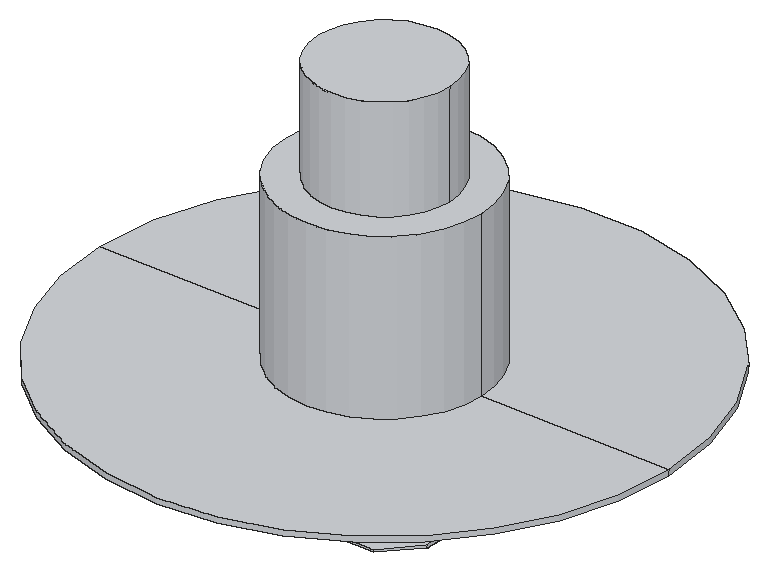
Revit family "XLQRPW", category Sprinklers, Revit 2019
Family settings
  Maintain Annotation Orientation = No
  Round Connector Dimension = Use Diameter
  Part Type = Normal
  OmniClass Number = 23.85.30.21
  OmniClass Title = Environmental Detection/Registration
  Work Plane-Based = No
  Always vertical = Yes
  Cut with Voids When Loaded = No
  Shared = No
  Room Calculation Point = No
Parameters (values of type "RASCO XL QR COMMERCIAL PENDENT")
  Temperature Rating = 165 °F
  Response = Quick
  RASCO SIN # = "R4514"
  RASCO Part # = "XLQRPW"
  Pressure Rating = "175 PSI"
  Pressure Class = Standard
  Orifice Size = 7/16"
  Orifice = Standard
  Model = "XL  QR COMMERCIAL PENDENT"
  Manufacturer = "RASCO"
  K-Factor = 5.6
  Diameter = 5 5/128"
  Description = "WHITE FINISH"
  Coverage = Standard
Reference planes (in)
  plane 1 "Center (Front/Back)": y = 0
  plane 2: z = 0
  plane 3 "Center (Left/Right)": x = 0
Nested families (in)
  nested 1: "RASCO- XLQRPW" at (0, 1.12168, 0), type "RASCO XL QR COMMERCIAL PENDENT"
Connectors (in)
  piping at (0, 1.12168, 2.509), diameter 0.8125
    settings: on nested 1, index 1, connector inside diameter 24", connector length 0' - 0", flow factor 0, pipe flow 0 GPM, pressure drop 0.00 psi, fitting loss kfactor 0, connector angle 0.00°, fixture units 0, engagement length 0' - 0", angle of deflection 0.00°, flow configuration 0, flow direction 0, fitting loss method 0, system type 7, joint type 0, gender type 0, connector reference index -1, connector utility 0, adjustable connector no, is connector primary yes, connector description ""
Definition of nested family "RASCO- XLQRPW"
  Parameters (values of type "RASCO XL INSTITUTIONAL")
    Type Comments = ""
    Temperature Rating = 0 °F
    Response = (empty or 0)
    Pressure Rating = "0"
    Pressure Class = (empty or 0)
    Orifice Size = 0"
    Orifice = (empty or 0)
    Model = ""
    Manufacturer = ""
    K-Factor = 0
    Coverage = (empty or 0)
    Assembly Code = ""
  Reference planes (in)
    plane 1 "Center (Front/Back)": y = 0
    plane 2: z = 0
    plane 3 "Center (Left/Right)": x = 0
    plane 4 "ref.2": z = 0.873
    plane 5 "ref.3": z = 1.878
    plane 6 "ref. 4": z = 0.294
    plane 7: z = 0.166
    plane 8: z = 0.363
    plane 9 "ref. 5": z = 0.06291
  Forms (in)
    Extrusion 1, solid
      sketch origin (0, 0, 0.873) x (-1, 0, 0) y (0, -1, 0)
        loop
          circle (0, 0) r 0.598
      from 0 to 1.005
    Extrusion 2, solid
      sketch origin (0, 0, 1.75079) x (-1, 0, 0) y (0, -1, 0)
        loop
          circle (0, 0) r 0.405
      from 0.12721 to 0.75821
    Revolve 3, solid
      sketch origin (0, 0, 0.363) x (1, 0, 0) y (0, 0, 1)
        loop
          line (0, 0.51) -> (-1.75, 0.51) -> (-1.75, 0.47626) -> (-0.628, 0) -> (0, 0) -> (0, 0.51)
        axis (0, 0.51) -> (0, 0)
      angle from 0 to 360
    Extrusion 4, solid
      sketch origin (0, 0, 0.294) x (0, -1, 0) y (1, 0, 0)
        loop
          circle (0, 0) r 0.614
      from 0.069 to 0
    Revolve 5, solid
      sketch origin (0, 0, 0) x (1, 0, 0) y (0, 0, 1)
        loop
          line (-0.5, 0.294) -> (-0.20877, 0.166) -> (0, 0.166) -> (0, 0.294) -> (-0.5, 0.294)
        axis (0, 0.294) -> (0, 0.166)
      angle from 0 to 360
    Extrusion 6, solid
      sketch origin (0, 0, 0) x (1, 0, 0) y (0, 0, 1)
        loop
          line (-0.34833, 0.24105) -> (-0.37436, 0.19597)
          arc (-0.37436, 0.19597) -> (-0.38219, 0.17257) -> (-0.38025, 0.14797) r 0.06189
          line (-0.38025, 0.14797) -> (-0.35586, 0.06291) -> (-0.39443, 0.0359) -> (-0.35853, 0) -> (-0.31379, 0.03133)
          arc (-0.31379, 0.03133) -> (-0.3038, 0.04447) -> (-0.30329, 0.06097) r 0.02708
          line (-0.30329, 0.06097) -> (-0.32899, 0.15061)
          arc (-0.32899, 0.15061) -> (-0.33022, 0.16619) -> (-0.32526, 0.18101) r 0.03919
          line (-0.32526, 0.18101) -> (-0.30503, 0.21605) -> (-0.34833, 0.24105)
        loop
          line (0.34833, 0.24105) -> (0.30503, 0.21605) -> (0.32526, 0.18101)
          arc (0.32526, 0.18101) -> (0.33022, 0.16619) -> (0.32899, 0.15061) r 0.03919
          line (0.32899, 0.15061) -> (0.30329, 0.06097)
          arc (0.30329, 0.06097) -> (0.3038, 0.04447) -> (0.31379, 0.03133) r 0.02708
          line (0.31379, 0.03133) -> (0.35853, 0) -> (0.39443, 0.0359) -> (0.35586, 0.06291) -> (0.38025, 0.14797)
          arc (0.38025, 0.14797) -> (0.38219, 0.17257) -> (0.37436, 0.19597) r 0.06189
          line (0.37436, 0.19597) -> (0.34833, 0.24105)
      from -0.11113 to 0.11041
    Extrusion 7, solid
      sketch origin (-0.0518, -0.12961, 0.06291) x (-1, 0, 0) y (0, -1, 0)
        loop
          line (0.19208, -0.51961) -> (0.3692, -0.32259) -> (0.3692, 0.06101) -> (0.18997, 0.26039) -> (-0.29859, 0.26039) -> (-0.4728, 0.06659) -> (-0.4728, -0.32111) -> (-0.29435, -0.51961) -> (0.19208, -0.51961)
      from 0 to 0.012
